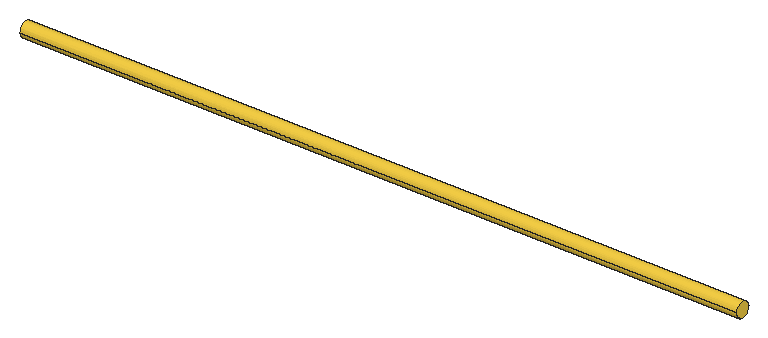
Revit family "TUBE 42-2,1_2033800", category Generic Models, Revit 2018
Family settings
  Can host rebar = No
  Round Connector Dimension = Use Diameter
  Part Type = Normal
  OmniClass Number = 35.51.14.00
  OmniClass Title = FORMWORK
  Work Plane-Based = Yes
  Always vertical = No
  Cut with Voids When Loaded = No
  Shared = Yes
  Room Calculation Point = No
Parameters
  VERSION = "20190101"  # constant formula
  URL = "www.ulmaconstruction.com/en"
  UNICLASS = ""
  ITEM_CODE = "2033800"
  Manufacturer = "ULMA CONSTRUCTION"  # constant formula
  FILTER [instance] = ""
  Default Elevation = 0.000 mm
  CLASSIFICATION_TITLE = ""
  CLASSIFICATION_NUMBER = ""
Reference planes
  plane 1 "Centro (Frontal/Posterior)": y = 0
  plane 2: z = 0
  plane 3 "Centro (Izquierda/Derecha)": x = 0
  plane 4 "ITEM_LENGTH": x = 2100
Forms (mm)
  Extrusion 1, solid, material "ULMA YELLOW"
    sketch origin (0, 0, 0) x (0, 1, 0) y (0, 0, 1)
      loop
        circle (0, 0) r 21
    from 0 to 2100
Lines and regions (mm)
  model lines, style "ULMA FIXING ITEMS", detail levels fine
    curve 1: circle (2100, 0, 0) r 19 normal (1, 0, 0)
    curve 2: circle (0, 0, 0) r 19 normal (1, 0, 0)
Dimensions and locks
  locked: plane 3 "Centro (Izquierda/Derecha)" to plane 4 "ITEM_LENGTH" at 2100
  aligned and locked: level to plane 2
  aligned and locked: plane 4 "ITEM_LENGTH" to Extrusion 1
